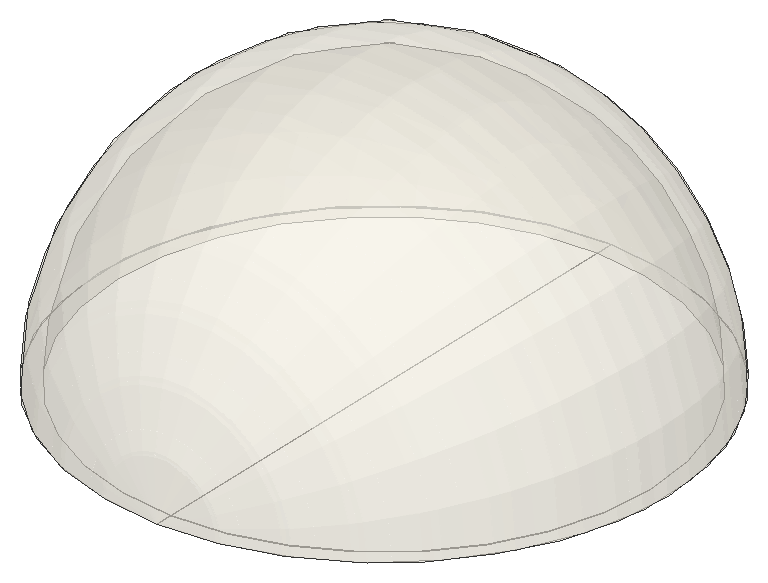
Revit family "78c857962431430bb9259e7904cfba45", category Lighting Fixtures, host Face, Revit 2021
Family settings
  Host = Face
  Round Connector Dimension = Use Diameter
  Part Type = Normal
  OmniClass Number = 23.80.70.11.11
  OmniClass Title = General Luminaries, Non Directional
  Seek Item ID = Sconce Light - Sphere-0000-USA-ENU
  Cut with Voids When Loaded = No
  Light Source = Yes
  Shared = No
  Room Calculation Point = No
Parameters (values of type "100W - 120V")
  Wattage = 100 W
  built-in parameter 1150110 = 1 (stored number, unit not read)
  built-in parameter 1150109 = 1 (stored number, unit not read)
  built-in parameter 1150134 = 4
  built-in parameter 1150113 = 1 (stored number, unit not read)
  Tilt Angle = 90.00°
  Shade Material = Glass, Frosted
  Radius = 0' - 8"
  Photometric Web File = "TLAE1A21.ies"
  Lumens = 1200 lm
  built-in parameter 1114217 = 1 (stored number, unit not read)
  built-in parameter 1150115 = 1 (stored number, unit not read)
  built-in parameter 1150105 = 95.493 (stored number, unit not read)
  Load Classification = Lighting - Dwelling Unit
  built-in parameter 1150137 = 1
  built-in parameter 1150139 = (empty or 0)
  built-in parameter 1150112 = 1 (stored number, unit not read)
  built-in parameter 1150114 = 1 (stored number, unit not read)
  Lamp = "R-30"
  built-in parameter 1150132 = (empty or 0)
  built-in parameter 1150102 = (empty or 0)
  built-in parameter 1150138 = (empty or 0)
  built-in parameter 1150107 = 2800 (stored number, unit not read)
  built-in parameter 1150106 = 0.95493 (stored number, unit not read)
  built-in parameter 1150104 = 1.1148 (stored number, unit not read)
  Dimming Lamp Color Temperature Shift = <None>
  Default Elevation = 6' - 4"
  Color Filter = 16777215
  built-in parameter 1140040 [instance] = 1
  Ballast Voltage = 120 V
  Ballast Number of Poles = 1
  built-in parameter 1114218 = 1 (stored number, unit not read)
  built-in parameter 1150133 = 10 (stored number, unit not read)
  Assembly Code = "D5020220"
  Apparent Load = 100 VA
Types (4): name | Wattage | Photometric Web File | Lumens | built-in parameter 1150105 | Lamp | built-in parameter 1150106 | built-in parameter 1150104 | Ballast Voltage | Apparent Load
  60W - 120V | 60 W | "TLAE1A19.ies" | 855 lm | 68.039 (stored number, unit not read) | "A-19" | 0.68039 (stored number, unit not read) | 1.3239 (stored number, unit not read) | 120 V | 60 VA
  60W - 277V | 60 W | "TLAE1A19.ies" | 855 lm | 68.039 (stored number, unit not read) | "A-19" | 0.68039 (stored number, unit not read) | 1.3239 (stored number, unit not read) | 277 V | 60 VA
  100W - 120V | 100 W | "TLAE1A21.ies" | 1200 lm | 95.493 (stored number, unit not read) | "R-30" | 0.95493 (stored number, unit not read) | 1.1148 (stored number, unit not read) | 120 V | 100 VA
  100W - 277V | 100 W | "TLAE1A21.ies" | 1200 lm | 95.493 (stored number, unit not read) | "R-30" | 0.95493 (stored number, unit not read) | 1.1148 (stored number, unit not read) | 277 V | 100 VA
Reference planes (in)
  plane 1 "Center (Front/Back)": y = 0
  plane 2: z = 0
  plane 3 "Center (Left/Right)": x = 0
  plane 4: z = 2.5
Forms (in)
  Revolve 1, solid, material "Glass, Frosted" <- "Shade Material"
    sketch origin (0, 0, 0) x (1, 0, 0) y (0, 1, 0)
      loop
        line (0, -7.5) -> (0, -8)
        arc (0, -8) -> (8, 0) -> (0, 8) r 8
        line (0, 8) -> (0, 7.5)
        arc (0, 7.5) -> (7.5, 0) -> (0, -7.5) r 7.5
      axis (0, 8) -> (0, -8)
    angle from 180 to 360
  Revolve 2, solid, material "Glass, Frosted" <- "Shade Material"
    sketch origin (0, 0, 0) x (1, 0, 0) y (0, 1, 0)
      loop
        line (0, 8) -> (0, -8)
        arc (0, -8) -> (8, 0) -> (0, 8) r 8
      axis (0, -8) -> (0, 8)
    angle from 180 to 360
Dimensions and locks (in)
  locked: plane 4 to level at 2.5
  "Radius": radius of Revolve 1 sketch curve
  "Radius": radius of Revolve 2 sketch curve
  aligned and locked: plane 2 to host face
  aligned and locked: level to host face
  aligned and locked: plane 1 "Center (Front/Back)" to Revolve 1 sketch curve  (x2)
  aligned and locked: plane 3 "Center (Left/Right)" to Revolve 1 sketch curve  (x2)
  aligned and locked: Revolve 1 sketch curve to plane 3 "Center (Left/Right)"  (x3)
  aligned and locked: plane 1 "Center (Front/Back)" to Revolve 2 sketch curve
  aligned and locked: plane 3 "Center (Left/Right)" to Revolve 2 sketch curve  (x3)
  aligned and locked: imposter light to plane 4
Automatic sketch dimensions
  host sketch curve to host sketch curve = 8' - 0"  (x2)
  Revolve 1 sketch curve to Revolve 1 sketch curve = 0' - 0 1/2"
  Revolve 1 sketch curve to Revolve 1 sketch curve = 0' - 1 3/4"
  Revolve 1 sketch curve to Revolve 1 sketch curve = 0' - 4 3/4"
  Revolve 2 sketch curve to Revolve 2 sketch curve = 0' - 1.01088"
  Revolve 2 sketch curve to Revolve 2 sketch curve = 0' - 2"
Connectors (in)
  electrical at (0, 0, 0), driven by "Apparent Load", driven by "Ballast Voltage", driven by "Ballast Number of Poles", driven by "Load Classification"
    settings: on Revolve 1, index 1, voltage 120 V, apparent load 0 VA, apparent load phase1 100 VA, apparent load phase2 0 VA, apparent load phase3 0 VA, power factor 0.95, load classification "Lighting - Dwelling Unit", number of poles 1, system type 31, power factor state 1, is connector primary yes, connector utility no, sub classification motor no, connector description ""
